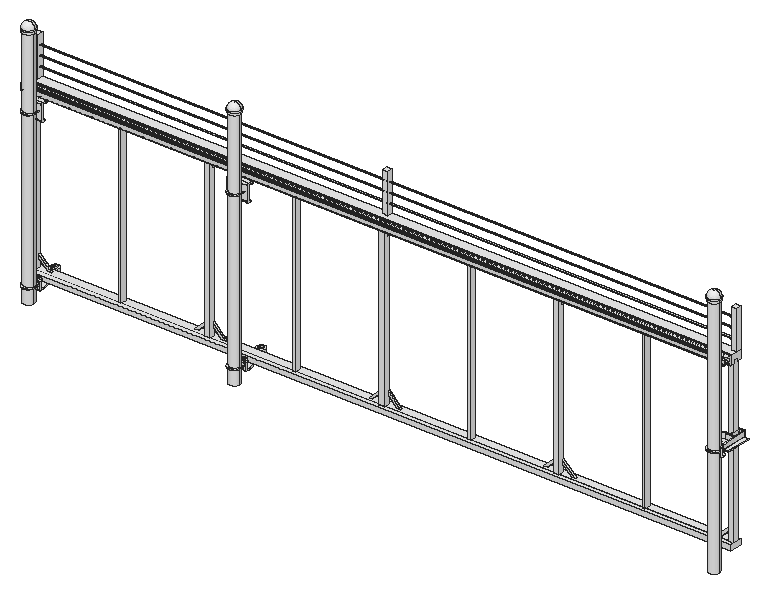
Revit family "Site-Fencing-Tymetal_Corp-Heavy_Duty_Cantilever_Slide_Gate-Chain_Link", category Site, Revit 2015 (continued)
Definition of nested family "Fence - Hanger with Track"
  Definition of nested family "Fence - Hanger Plate"
    Reference planes (in)
      plane 3 "Center (Left/Right)": x = 0
      plane 4: y = 2
      plane 5: x = -3.3125
      plane 6: y = 3.9375
      plane 7: x = 3.3125
    Forms (in)
      Extrusion 1, solid, material <- "Hanger Material"
        sketch origin (0, 0, 0) x (0, 1, 0) y (0, 0, 1)
          loop
            arc (1.91542, 3.25406) -> (1.62242, 3.13269) -> (1.50105, 2.83969) r 0.41437
            line (1.50105, 2.83969) -> (1.50105, -2.83157)
            arc (1.50105, -2.83157) -> (1.62242, -3.12457) -> (1.91542, -3.24594) r 0.41437
            line (1.91542, -3.24594) -> (2.2293, -3.24594) -> (2.2293, -2.87094) -> (1.91542, -2.87094)
            arc (1.91542, -2.87094) -> (1.88758, -2.85941) -> (1.87605, -2.83157) r 0.03937
            line (1.87605, -2.83157) -> (1.87605, 2.83969)
            arc (1.87605, 2.83969) -> (1.88758, 2.86753) -> (1.91542, 2.87906) r 0.03937
            line (1.91542, 2.87906) -> (3.37705, 2.87906) -> (3.37705, 3.25406) -> (1.91542, 3.25406)
        from -4 to 4
      Extrusion 2, void
        sketch origin (0, 0, 0) x (1, 0, 0) y (0, 1, 0)
          loop
            line (-1.3125, 1.25105) -> (1.3125, 1.25105) -> (1.3125, 1.75)
            arc (1.3125, 1.75) -> (1.23928, 1.92678) -> (1.0625, 2) r 0.25
            line (1.0625, 2) -> (-1.0625, 2)
            arc (-1.0625, 2) -> (-1.23928, 1.92678) -> (-1.3125, 1.75) r 0.25
            line (-1.3125, 1.75) -> (-1.3125, 1.25105)
        from -3.24594 to 3.25406
      Extrusion 3, solid, material <- "Hanger Material"
        sketch origin (0, 0, 0) x (1, 0, 0) y (0, 1, 0)
          loop
            line (4, 3.37705) -> (4, 3.9375)
            arc (4, 3.9375) -> (3.79864, 4.42364) -> (3.3125, 4.625) r 0.6875
            line (3.3125, 4.625) -> (-3.3125, 4.625)
            arc (-3.3125, 4.625) -> (-3.79864, 4.42364) -> (-4, 3.9375) r 0.6875
            line (-4, 3.9375) -> (-4, 3.37705) -> (4, 3.37705)
        from 2.87906 to 3.25406
      Extrusion 4, solid, material <- "Hanger Material"
        sketch origin (0, 0, 0) x (1, 0, 0) y (0, 1, 0)
          loop
            arc (-3.5, 2.875) -> (-3.85355, 2.72855) -> (-4, 2.375) r 0.5
            line (-4, 2.375) -> (-4, 2.2293) -> (4, 2.2293) -> (4, 2.375)
            arc (4, 2.375) -> (3.85355, 2.72855) -> (3.5, 2.875) r 0.5
            line (3.5, 2.875) -> (-3.5, 2.875)
        from -3.24594 to -2.87094
      Sweep 5, solid, material <- "Hanger Material", detail levels fine
        path origin (-2.63501, 0.79388, 1.47707) x (0.464166, 0.563047, -0.683761) y (0.368983, 0.578872, 0.727158)
          loop
            line (2.15529, 0.14711) -> (2.15529, 3.82378)
        profile origin (-0.902, 3.15673, 1.44709) x (-0.464166, -0.563047, 0.683761) y (0.805234, -0.589818, 0.060938)
          loop
            circle (0, 0) r 0.25
      Sweep 6, solid, material <- "Hanger Material", detail levels fine
        path origin (2.63501, 0.79388, 1.47707) x (-0.464166, 0.563047, -0.683761) y (0.368983, -0.578872, -0.727158)
          loop
            line (2.15529, -0.14711) -> (2.15529, -3.82378)
        profile origin (0.902, 3.15673, 1.44709) x (-0.464166, 0.563047, -0.683761) y (-0.805234, -0.589818, 0.060938)
          loop
            circle (0, 0) r 0.25
    Cuts and joins
      Extrusion 2 cuts Extrusion 1
      joined: Extrusion 1, Extrusion 3, Extrusion 4
    Lines and regions (in)
      Masking region 1, detail levels coarse
        outline origin (0, 0, 0) x (1, 0, 0) y (0, 1, 0)
          loop
            line (-4, 4.625) -> (-4, 1.50105) -> (-1.3125, 1.50105) -> (-1.3125, 2) -> (1.3125, 2) -> (1.3125, 1.50105) -> (4, 1.50105) -> (4, 4.625) -> (-4, 4.625)
      Masking region 2, detail levels medium+fine
        outline origin (0, 0, 0) x (1, 0, 0) y (0, 1, 0)
          loop
            line (-4, 3.9375) -> (-4, 1.50105) -> (-1.3125, 1.50105) -> (-1.3125, 1.75)
            arc (-1.3125, 1.75) -> (-1.23928, 1.92678) -> (-1.0625, 2) r 0.25
            line (-1.0625, 2) -> (1.0625, 2)
            arc (1.0625, 2) -> (1.23928, 1.92678) -> (1.3125, 1.75) r 0.25
            line (1.3125, 1.75) -> (1.3125, 1.50105) -> (4, 1.50105) -> (4, 3.9375)
            arc (4, 3.9375) -> (3.79864, 4.42364) -> (3.3125, 4.625) r 0.6875
            line (3.3125, 4.625) -> (-3.3125, 4.625)
            arc (-3.3125, 4.625) -> (-3.79864, 4.42364) -> (-4, 3.9375) r 0.6875
    Dimensions and locks (in)
      locked: cut or joined group of Extrusion 1, Extrusion 2, Extrusion 3, Extrusion 4 to cut or joined group of Extrusion 1, Extrusion 2, Extrusion 3, Extrusion 4 at 8
      aligned and locked: cut or joined group of Extrusion 1, Extrusion 2, Extrusion 3, Extrusion 4 to cut or joined group of Extrusion 1, Extrusion 2, Extrusion 3, Extrusion 4  (x2)
      aligned and locked: Masking region 2 to cut or joined group of Extrusion 1, Extrusion 2, Extrusion 3, Extrusion 4
  Definition of nested family "Fence - Track Roller"
    Parameters
      Track Roller Material = none
      Track Height = 0' - 4"
    Reference planes (in)
      plane 1 "Center (Front/Back)": y = 0
      plane 2: z = 0
      plane 3 "Center (Left/Right)": x = 0
      plane 4: x = -4.42187
      plane 5: x = 4.42188
      plane 6: z = 2.5
      plane 7: y = 0.40625
      plane 8: y = -0.40625
      plane 9: z = 4
      plane 10: z = 2.375
      plane 11: y = 1.09674
      plane 12: y = -1.09674
      plane 13: y = 0.59674
      plane 14: y = -0.59674
      plane 15: z = 3.1875
      plane 16: x = -1.4375
      plane 17: x = 1.42187
      plane 18: z = -0.75
      plane 19: z = -0.1875
      plane 20: z = 0.1875
    Forms (in)
      Extrusion 1, solid, material <- "Track Roller Material"
        sketch origin (0, 0, 0) x (1, 0, 0) y (0, 0, 1)
          loop
            line (-3.73437, 2.5) -> (3.73438, 2.5) -> (3.73438, 2.75) -> (-3.73437, 2.75) -> (-3.73437, 2.5)
        from -0.40625 to 0.40625
      Extrusion 2, solid, material <- "Track Roller Material"
        sketch origin (0, 0, 0) x (1, 0, 0) y (0, 0, 1)
          loop
            line (-2.04089, 3.25) -> (-2.04089, 2.75) -> (2.04089, 2.75) -> (2.04089, 3.25) -> (-2.04089, 3.25)
        from -0.5 to 0.5
      Revolve 3, solid, material <- "Track Roller Material"
        sketch origin (0, 0, 0) x (1, 0, 0) y (0, 0, 1)
          loop
            line (-4.42188, 2.8125) -> (-3.26263, 2.8125) -> (-3.26263, 3.625) -> (-3.51263, 3.625) -> (-3.51263, 3.375) -> (-3.63763, 3.375) -> (-3.63763, 3.3125) -> (-4.42188, 3.3125) -> (-4.42188, 2.8125)
          axis (-3.26263, 3.625) -> (-3.26263, 2.8125)
        angle from 0 to 360
      Revolve 4, solid, material <- "Track Roller Material"
        sketch origin (0, 0, 0) x (-1, 0, 0) y (0, 0, 1)
          loop
            line (-4.42188, 2.8125) -> (-3.26263, 2.8125) -> (-3.26263, 3.625) -> (-3.51263, 3.625) -> (-3.51263, 3.375) -> (-3.63763, 3.375) -> (-3.63763, 3.3125) -> (-4.42188, 3.3125) -> (-4.42188, 2.8125)
          axis (-3.26263, 3.625) -> (-3.26263, 2.8125)
        angle from 0 to 360
      Revolve 5, solid, material <- "Track Roller Material"
        sketch origin (-1.4375, -180, 11.2214) x (0, 0, 1) y (0, -1, 0)
          loop
            line (-7.2214, -181.09674) -> (-7.2214, -180.59674) -> (-8.0339, -180.59674) -> (-8.0339, -181.09674) -> (-7.2214, -181.09674)
          axis (-8.0339, -181.09674) -> (-8.0339, -180.59674)
        angle from 0 to 360
      Revolve 6, solid, material <- "Track Roller Material"
        sketch origin (-1.4375, -180, 11.2214) x (0, 0, 1) y (0, -1, 0)
          loop
            line (-7.2214, -179.40326) -> (-7.2214, -178.90326) -> (-8.0339, -178.90326) -> (-8.0339, -179.40326) -> (-7.2214, -179.40326)
          axis (-8.0339, -179.40326) -> (-8.0339, -178.90326)
        angle from 0 to 360
      Revolve 7, solid, material <- "Track Roller Material"
        sketch origin (1.42187, -180, 11.2214) x (0, 0, 1) y (0, -1, 0)
          loop
            line (-7.2214, -181.09674) -> (-7.2214, -180.59674) -> (-8.0339, -180.59674) -> (-8.0339, -181.09674) -> (-7.2214, -181.09674)
          axis (-8.0339, -181.09674) -> (-8.0339, -180.59674)
        angle from 0 to 360
      Revolve 8, solid, material <- "Track Roller Material"
        sketch origin (1.42187, -180, 11.2214) x (0, 0, 1) y (0, -1, 0)
          loop
            line (-7.2214, -179.40326) -> (-7.2214, -178.90326) -> (-8.0339, -178.90326) -> (-8.0339, -179.40326) -> (-7.2214, -179.40326)
          axis (-8.0339, -179.40326) -> (-8.0339, -178.90326)
        angle from 0 to 360
      Extrusion 9, solid, material <- "Track Roller Material"
        sketch origin (0, 0, 0) x (1, 0, 0) y (0, 1, 0)
          loop
            circle (0, 0) r 0.375
        from -0.75 to 2.5
      Extrusion 10, solid, material <- "Track Roller Material"
        sketch origin (0, 0, 0) x (1, 0, 0) y (0, 1, 0)
          loop
            line (-0.625, 0.84674) -> (-0.625, 0.5) -> (0.625, 0.5) -> (0.625, 0.84674) -> (-0.625, 0.84674)
          loop
            line (-0.625, -0.84674) -> (0.625, -0.84674) -> (0.625, -0.5) -> (-0.625, -0.5) -> (-0.625, -0.84674)
        from 2.5 to 3.25
    Dimensions and locks (in)
      equal spacing: plane 4, plane 3 "Center (Left/Right)", plane 5
      locked: plane 4 to plane 5 at 8.84375
      "Track Height": plane 9 to level
      locked: Extrusion 1 sketch curve to plane 4 at 0.6875
      locked: plane 5 to Extrusion 1 sketch curve at 0.6875
      equal spacing: plane 7, plane 1 "Center (Front/Back)", plane 8
      locked: plane 7 to plane 8 at 0.8125
      locked: Extrusion 2 sketch curve to plane 4 at 2.38099
      locked: Extrusion 2 sketch curve to plane 6 at 0.75
      locked: Extrusion 1 sketch curve to plane 6 at 0.25
      Extrusion 2 to plane 1 "Center (Front/Back)" to Extrusion 2 = 0' - 0 1/2" locked, 0' - 0 1/2" locked
      locked: Revolve 3 sketch curve to plane 4 at 1.15924
      Revolve 3 sketch curve to Revolve 3 sketch curve to Revolve 3 sketch curve to Revolve 3 sketch curve to plane 6 = 0' - 0 1/4" locked, 0' - 0 1/16" locked, 0' - 0 1/2" locked, 0' - 0 5/16" locked
      locked: plane 5 to Extrusion 2 sketch curve at 2.38099
      Revolve 4 sketch curve to Revolve 4 sketch curve to Revolve 4 sketch curve to Revolve 4 sketch curve to plane 6 = 0' - 0 1/4" locked, 0' - 0 1/16" locked, 0' - 0 1/2" locked, 0' - 0 5/16" locked
      locked: plane 5 to Revolve 4 sketch curve at 1.15924
      locked: plane 16 to plane 4 at 2.98438
      locked: plane 17 to plane 5 at 3
      locked: plane 18 to plane 2 at 0.75
      plane 20 to level to plane 19 = 0' - 0 3/16" locked, 0' - 0 3/16" locked
      equal spacing: Extrusion 10 sketch curve, plane 3 "Center (Left/Right)", Extrusion 10 sketch curve  (x2)
      locked: Extrusion 10 sketch curve to Extrusion 10 sketch curve at 1.25  (x2)
      equal spacing: plane 13, Extrusion 10 sketch curve, plane 11
      locked: Extrusion 10 sketch curve to Extrusion 10 sketch curve at 0.34674  (x2)
      equal spacing: plane 9, plane 15, plane 10
      locked: plane 9 to plane 10 at 1.625
      locked: plane 6 to plane 10 at 0.125
      aligned and locked: Extrusion 1 sketch curve to plane 6
      aligned and locked: plane 7 to Extrusion 1
      aligned and locked: Extrusion 1 to plane 8
      aligned and locked: Extrusion 2 sketch curve to Extrusion 1
      aligned and locked: Revolve 5 sketch curve to plane 15
      aligned and locked: plane 11 to Revolve 5 sketch curve
      aligned and locked: plane 13 to Revolve 5 sketch curve
      aligned and locked: plane 9 to Revolve 5 sketch curve
      aligned and locked: plane 15 to Revolve 5 sketch curve
      aligned and locked: plane 14 to Revolve 6 sketch curve
      aligned and locked: plane 9 to Revolve 6 sketch curve
      aligned and locked: plane 12 to Revolve 6 sketch curve
      aligned and locked: plane 15 to Revolve 6 sketch curve
      aligned and locked: Revolve 6 sketch curve to plane 15
      aligned and locked: plane 6 to Extrusion 9
      aligned and locked: Extrusion 9 to plane 18
      aligned and locked: Extrusion 10 to plane 6
      aligned and locked: Extrusion 2 to Extrusion 10
    Automatic sketch dimensions
      Revolve 3 sketch curve to plane 4 = 0' - 0"
      plane 4 to Revolve 3 sketch curve = 0' - 0.78424"
      Revolve 3 sketch curve to Revolve 3 sketch curve = 0' - 0 1/8"
      Revolve 3 sketch curve to Revolve 3 sketch curve = 0' - 0 1/4"
      Revolve 3 sketch curve to plane 10 = 0' - 1.57152"
      plane 9 to Revolve 3 sketch curve = 0' - 1.16026"
      Revolve 4 sketch curve to plane 5 = 0' - 0"
      plane 5 to Revolve 4 sketch curve = 0' - 0.78424"
      Revolve 4 sketch curve to Revolve 4 sketch curve = 0' - 0 1/8"
      Revolve 4 sketch curve to Revolve 4 sketch curve = 0' - 0 1/4"
      plane 10 to Revolve 4 sketch curve = 0' - 1.57152"
      Revolve 4 sketch curve to plane 9 = 0' - 1.16026"
      Revolve 5 sketch curve to plane 11 = 0' - 2.87236"
      Revolve 5 sketch curve to plane 12 = 0' - 2.2029"
      Revolve 6 sketch curve to plane 11 = 0' - 2.87236"
      Revolve 6 sketch curve to Revolve 6 sketch curve = 0' - 2.2029"
      Revolve 7 sketch curve to plane 15 = 0' - 0"  (x2)
      Revolve 7 sketch curve to plane 11 = 0' - 0"
      Revolve 7 sketch curve to plane 9 = 0' - 0"
      Revolve 7 sketch curve to plane 13 = 0' - 0"
      plane 11 to Revolve 7 sketch curve = 0' - 2.87236"
      plane 12 to Revolve 7 sketch curve = 0' - 2.2029"
      Revolve 8 sketch curve to plane 12 = 0' - 0"
      Revolve 8 sketch curve to plane 15 = 0' - 0"  (x2)
      Revolve 8 sketch curve to plane 9 = 0' - 0"
      Revolve 8 sketch curve to plane 14 = 0' - 0"
      plane 11 to Revolve 8 sketch curve = 0' - 2.87236"
      Revolve 8 sketch curve to Revolve 8 sketch curve = 0' - 2.2029"
      plane 1 "Center (Front/Back)" to Extrusion 9 sketch curve = 0' - 0"
      Extrusion 9 sketch curve to plane 3 "Center (Left/Right)" = 0' - 0"
      Extrusion 10 sketch curve to plane 8 = 0' - 0 3/32"
      radius of Extrusion 9 sketch curve = 0' - 0 3/8"
Definition of nested family "Fence - Catch Assembly"
  Parameters
    Post Attachment Extension = 0' - 2"
    Gate Open Distance = 0' - 0"
    Catch Location = 0' - 0 3/4"
    Catch Assembly Location from Post = 0' - 2 3/8"
    Catch Assembly Finish = none
  Reference planes (in)
    plane 1 "Center (Front/Back)": y = 0
    plane 2: z = 0
    plane 3 "Center (Left/Right)": x = 0
    plane 4: through (1.76777, 1.76777, 48) normal (0.7071, -0.7071, 0)
  Dimensions and locks (in)
    "Catch Assembly Location from Post": nested 1 to plane 4
    locked: nested 3 to level at 1.375
    "Catch Location": nested 5 to nested 4
    "Gate Open Distance": nested 3 to nested 4
    locked: plane 3 "Center (Left/Right)" to nested 2 (angle 45.00°)
    locked: nested 2 to plane 1 "Center (Front/Back)" (angle 45.00°)
    aligned and locked: level to nested 2
    aligned and locked: nested 3 to nested 4
    aligned and locked: nested 5 to nested 1  (x2)
    aligned and locked: nested 4 to nested 3
  Nested families (in)
    nested 1: "Fence - Catch Plate" at (0, 0, 0), type "Fence - Assembly"
      with Post Radius 0' - 2 3/8"
    nested 2: "Fence - Post Bracket" at (0, 0, 0) x (-0.7071, -0.7071, 0) z (0, 0, 1), type "Fence - Post Bracket"
      with Extension Length 0' - 2"
    nested 3: "Fence - Assembly Latch" at (0.08073, -7.15212, 0), type "Fence - Assembly Latch"
    nested 4: "Fence - Catch" at (0.08073, -7.15212, 1.375), type "Fence - Catch"
    nested 5: "Fence - L Bracket" at (5.15273, -3.77712, 1.375), type "Fence - L Bracket"
  Definition of nested family "Fence - Catch Plate"
    Parameters
      Post Radius = 0' - 2"
      Catch Assembly Finish = none
    Reference planes (in)
      plane 1 "Center (Front/Back)": y = 0
      plane 2: z = 0
      plane 3 "Center (Left/Right)": x = 0
      plane 4: z = 1.375
      plane 5: z = -1.375
      plane 6: through (0.83969, -2.51907, 48) normal (0.7071, -0.7071, 0)
      plane 7: x = 2
      plane 8: y = 0.05806
      plane 9: y = -4.39262
      plane 10: y = -2.16728
      plane 11: y = -0.91728
      plane 12: y = -3.41728
      plane 13: x = 4.15273
    Forms (in)
      Extrusion 1, solid, material <- "Catch Assembly Finish", detail levels medium+fine
        sketch origin (0, 0, 0) x (1, 0, 0) y (0, 1, 0)
          loop
            line (0.35709, -4.39262) -> (5.66039, -4.39262) -> (6.16039, -3.89262) -> (6.16039, -0.44194) -> (5.66039, 0.05806) -> (4.39169, 0.05806)
            arc (4.39169, 0.05806) -> (4.20035, 0.09612) -> (4.03814, 0.2045) r 0.5
            line (4.03814, 0.2045) -> (3.8007, 0.44194) -> (2.51907, -0.83969) -> (2.34229, -0.66291)
            arc (2.34229, -0.66291) -> (2.41551, -0.83969) -> (2.34229, -1.01647) r 0.25
            line (2.34229, -1.01647) -> (1.01647, -2.34229)
            arc (1.01647, -2.34229) -> (0.83969, -2.41551) -> (0.66291, -2.34229) r 0.25
            line (0.66291, -2.34229) -> (0.83969, -2.51907) -> (-0.44194, -3.8007) -> (0.00354, -4.24618)
            arc (0.00354, -4.24618) -> (0.16575, -4.35456) -> (0.35709, -4.39262) r 0.5
        from 1.125 to 1.375
      Extrusion 2, solid, material <- "Catch Assembly Finish", detail levels medium+fine
        sketch origin (-1.76777, 1.76777, 0) x (0.707107, -0.707107, 0) y (0, 0, 1)
          loop
            line (4.125, 1) -> (4.125, -1)
            arc (4.125, -1) -> (4.23483, -1.26517) -> (4.5, -1.375) r 0.375
            line (4.5, -1.375) -> (4.87304, -1.375) -> (4.87304, -1.125) -> (4.5, -1.125)
            arc (4.5, -1.125) -> (4.41161, -1.08839) -> (4.375, -1) r 0.125
            line (4.375, -1) -> (4.375, 1)
            arc (4.375, 1) -> (4.41161, 1.08839) -> (4.5, 1.125) r 0.125
            line (4.5, 1.125) -> (4.875, 1.125) -> (4.875, 1.375) -> (4.5, 1.375)
            arc (4.5, 1.375) -> (4.23483, 1.26517) -> (4.125, 1) r 0.375
        from 1.1875 to 3
      Extrusion 3, solid, material <- "Catch Assembly Finish", detail levels medium+fine
        sketch origin (-1.76777, 1.76777, 0) x (0.707107, -0.707107, 0) y (0, 0, -1)
          loop
            arc (4.125, -1) -> (4.23483, -1.26517) -> (4.5, -1.375) r 0.375
            line (4.5, -1.375) -> (4.875, -1.375) -> (4.875, -1.125) -> (4.5, -1.125)
            arc (4.5, -1.125) -> (4.41161, -1.08839) -> (4.375, -1) r 0.125
            line (4.375, -1) -> (4.375, 1)
            arc (4.375, 1) -> (4.41161, 1.08839) -> (4.5, 1.125) r 0.125
            line (4.5, 1.125) -> (4.8803, 1.125) -> (4.8803, 1.375) -> (4.5, 1.375)
            arc (4.5, 1.375) -> (4.23483, 1.26517) -> (4.125, 1) r 0.375
            line (4.125, 1) -> (4.125, -1)
        from 1.1875 to 3
      Extrusion 4, solid, material <- "Catch Assembly Finish", detail levels medium+fine
        sketch origin (0, 0, 0) x (1, 0, 0) y (0, 1, 0)
          loop
            line (-0.2192, -4.02344) -> (0.22627, -4.02344) -> (4.02344, -0.22627) -> (4.02344, 0.2192) -> (3.8007, 0.44194) -> (2.51907, -0.83969) -> (2.34229, -0.66291)
            arc (2.34229, -0.66291) -> (2.41551, -0.83969) -> (2.34229, -1.01647) r 0.25
            line (2.34229, -1.01647) -> (1.01647, -2.34229)
            arc (1.01647, -2.34229) -> (0.83969, -2.41551) -> (0.66291, -2.34229) r 0.25
            line (0.66291, -2.34229) -> (0.83969, -2.51907) -> (-0.44194, -3.8007) -> (-0.2192, -4.02344)
        from -1.375 to -1.125
    Cuts and joins
      joined: Extrusion 1, Extrusion 2, Extrusion 3, Extrusion 4
    Lines and regions (in)
      Masking region 1, detail levels coarse
        outline origin (0, 0, 0) x (1, 0, 0) y (0, 1, 0)
          loop
            line (3.27037, 0.97227) -> (-0.97227, -3.27037) -> (0.14998, -4.39262) -> (6.16039, -4.39262) -> (6.16039, 0.05806) -> (4.18458, 0.05806) -> (3.27037, 0.97227)
      Masking region 2, detail levels medium+fine
        outline origin (0, 0, 0) x (1, 0, 0) y (0, 1, 0)
          loop
            line (0.35709, -4.39262) -> (5.66039, -4.39262) -> (6.16039, -3.89262) -> (6.16039, -0.44194) -> (5.66039, 0.05806) -> (4.39169, 0.05806)
            arc (4.39169, 0.05806) -> (4.20035, 0.09612) -> (4.03814, 0.2045) r 0.5
            line (4.03814, 0.2045) -> (3.27037, 0.97227) -> (1.98874, -0.30936) -> (2.34251, -0.66313)
            arc (2.34251, -0.66313) -> (2.41551, -0.83984) -> (2.34229, -1.01647) r 0.25
            line (2.34229, -1.01647) -> (1.01647, -2.34229)
            arc (1.01647, -2.34229) -> (0.83984, -2.41551) -> (0.66313, -2.34251) r 0.25
            line (0.66313, -2.34251) -> (0.30936, -1.98874) -> (-0.97227, -3.27037) -> (0.00354, -4.24618)
            arc (0.00354, -4.24618) -> (0.16575, -4.35456) -> (0.35709, -4.39262) r 0.5
    Dimensions and locks (in)
      equal spacing: plane 4, level, plane 5
      locked: plane 4 to plane 5 at 2.75
      "Post Radius": plane 3 "Center (Left/Right)" to plane 7
      equal spacing: plane 8, plane 10, plane 9
      aligned and locked: Extrusion 2 to Extrusion 1
      aligned and locked: Extrusion 4 to plane 5
      aligned and locked: Extrusion 4 to cut or joined group of Extrusion 1, Extrusion 2, Extrusion 3, Extrusion 4
    Automatic sketch dimensions
      plane 3 "Center (Left/Right)" to Extrusion 1 sketch curve = 0' - 0.35709"
      plane 3 "Center (Left/Right)" to Extrusion 1 sketch curve = 0' - 0.83969"
      Extrusion 1 sketch curve to Extrusion 1 sketch curve = 0' - 0"  (x10)
      plane 1 "Center (Front/Back)" to Extrusion 1 sketch curve = 0' - 0.83969"  (x2)
      Extrusion 1 sketch curve to Extrusion 1 sketch curve = 0' - 1.32583"
      plane 1 "Center (Front/Back)" to Extrusion 1 sketch curve = 0' - 1.01647"
      Extrusion 1 sketch curve to plane 1 "Center (Front/Back)" = 0' - 0.05806"
      Extrusion 1 sketch curve to Extrusion 1 sketch curve = 0' - 0.09192"
      plane 1 "Center (Front/Back)" to Extrusion 1 sketch curve = 0' - 3.89262"
      Extrusion 1 sketch curve to Extrusion 1 sketch curve = 0' - 0 1/2"  (x4)
      Extrusion 1 sketch curve to Extrusion 1 sketch curve = 0' - 0.35355"  (x2)
      plane 1 "Center (Front/Back)" to Extrusion 1 sketch curve = 0' - 0.44194"
      plane 3 "Center (Left/Right)" to Extrusion 1 sketch curve = 0' - 0.00354"
      Extrusion 1 sketch curve to Extrusion 1 sketch curve = 0' - 0.17678"  (x5)
      plane 1 "Center (Front/Back)" to Extrusion 1 sketch curve = 0' - 0.66291"
      Extrusion 2 sketch curve to Extrusion 2 sketch curve = 0' - 0"  (x8)
      Extrusion 2 sketch curve to plane 5 = 0' - 0"
      Extrusion 2 sketch curve to plane 4 = 0' - 0"
      Extrusion 2 sketch curve to Extrusion 2 sketch curve = 0' - 0.37304"
      Extrusion 3 sketch curve to Extrusion 3 sketch curve = 0' - 0"  (x8)
      plane 5 to Extrusion 3 sketch curve = 0' - 0"
      plane 4 to Extrusion 3 sketch curve = 0' - 0"
      plane 3 "Center (Left/Right)" to Extrusion 4 sketch curve = 0' - 0.22627"
      plane 3 "Center (Left/Right)" to Extrusion 4 sketch curve = 0' - 0.83969"
      Extrusion 4 sketch curve to Extrusion 4 sketch curve = 0' - 0"  (x7)
      plane 1 "Center (Front/Back)" to Extrusion 4 sketch curve = 0' - 0.83969"  (x2)
      Extrusion 4 sketch curve to Extrusion 4 sketch curve = 0' - 1.32583"  (x2)
      Extrusion 4 sketch curve to Extrusion 4 sketch curve = 0' - 0.35355"  (x2)
      Extrusion 4 sketch curve to plane 3 "Center (Left/Right)" = 0' - 0.2192"
      Extrusion 4 sketch curve to Extrusion 4 sketch curve = 0' - 0.17678"  (x4)
      plane 1 "Center (Front/Back)" to Extrusion 4 sketch curve = 0' - 0.66291"
      plane 1 "Center (Front/Back)" to Extrusion 4 sketch curve = 0' - 1.01647"
      Extrusion 4 sketch curve to plane 1 "Center (Front/Back)" = 0' - 0.2192"
      plane 1 "Center (Front/Back)" to Extrusion 4 sketch curve = 0' - 0.22627"
      plane 3 "Center (Left/Right)" to Masking region 1 sketch curve = 0' - 0.14998"
      Masking region 1 sketch curve to plane 1 "Center (Front/Back)" = 0' - 0.97227"
      plane 3 "Center (Left/Right)" to Masking region 2 sketch curve = 0' - 0.30936"
      plane 3 "Center (Left/Right)" to Masking region 2 sketch curve = 0' - 0.35709"  (x2)
      Masking region 2 sketch curve to Masking region 2 sketch curve = 0' - 0.35377"
      Masking region 2 sketch curve to Masking region 2 sketch curve = 0' - 0.17656"  (x2)
      plane 1 "Center (Front/Back)" to Masking region 2 sketch curve = 0' - 0.30936"
      Masking region 2 sketch curve to Masking region 2 sketch curve = 0' - 0.17678"  (x4)
      plane 1 "Center (Front/Back)" to Masking region 2 sketch curve = 0' - 0.66313"
      Masking region 2 sketch curve to Masking region 2 sketch curve = 0' - 0.62225"
      Masking region 2 sketch curve to Masking region 2 sketch curve = 0' - 0.177"  (x2)
      plane 3 "Center (Left/Right)" to Masking region 2 sketch curve = 0' - 0.00354"
      Masking region 2 sketch curve to Masking region 2 sketch curve = 0' - 0"  (x7)
      plane 1 "Center (Front/Back)" to Masking region 2 sketch curve = 0' - 1.01647"
      Extrusion 1 sketch curve to plane 3 "Center (Left/Right)" = 0' - 0.44194"
      Extrusion 1 sketch curve to plane 1 "Center (Front/Back)" = 0' - 0.2045"
      plane 5 to Extrusion 2 sketch curve = 0' - 0 3/8"
      Extrusion 2 sketch curve to Extrusion 2 sketch curve = 0' - 0 1/8"  (x2)
      Extrusion 2 sketch curve to Extrusion 2 sketch curve = 0' - 0 3/8"
      plane 5 to Extrusion 3 sketch curve = 0' - 0 3/8"
      Extrusion 3 sketch curve to Extrusion 3 sketch curve = 0' - 0 1/8"  (x2)
      Extrusion 3 sketch curve to Extrusion 3 sketch curve = 0' - 0 3/8"
      Extrusion 3 sketch curve to Extrusion 3 sketch curve = 0' - 0.3803"
      Extrusion 4 sketch curve to Extrusion 4 sketch curve = 0' - 0.22274"  (x2)
      Masking region 2 sketch curve to Masking region 2 sketch curve = 0' - 1.28163"
      Extrusion 1 sketch curve to Extrusion 1 sketch curve = 0' - 1.37356"
      Extrusion 4 sketch curve to Extrusion 4 sketch curve = 0' - 1.28163"
      plane 1 "Center (Front/Back)" to Masking region 2 sketch curve = 0' - 1.98874"
      Extrusion 1 sketch curve to Extrusion 1 sketch curve = 0' - 1.2687"
      Extrusion 1 sketch curve to plane 1 "Center (Front/Back)" = 0' - 0.44194"
      Extrusion 1 sketch curve to Extrusion 1 sketch curve = 0' - 1.28163"
      Extrusion 4 sketch curve to plane 1 "Center (Front/Back)" = 0' - 0.44194"
      plane 3 "Center (Left/Right)" to Masking region 2 sketch curve = 0' - 1.98874"
      Masking region 2 sketch curve to plane 1 "Center (Front/Back)" = 0' - 0.2045"
      Masking region 2 sketch curve to plane 3 "Center (Left/Right)" = 0' - 0.97227"
      Masking region 1 sketch curve to plane 3 "Center (Left/Right)" = 0' - 0.97227"
      Masking region 2 sketch curve to Masking region 2 sketch curve = 0' - 0.35355"
      Masking region 2 sketch curve to Masking region 2 sketch curve = 0' - 0 1/2"  (x3)
      plane 1 "Center (Front/Back)" to Masking region 2 sketch curve = 0' - 0.44194"
      Masking region 2 sketch curve to plane 1 "Center (Front/Back)" = 0' - 0.05806"
      Masking region 1 sketch curve to plane 1 "Center (Front/Back)" = 0' - 0.05806"
      Masking region 1 sketch curve to Masking region 1 sketch curve = 0' - 1.97581"
      plane 9 to Masking region 1 sketch curve = 0' - 0"
      plane 13 to Masking region 1 sketch curve = 0' - 0.88236"
      Masking region 2 sketch curve to Masking region 2 sketch curve = 0' - 1.2687"
  Definition of nested family "Fence - Post Bracket"
    Parameters
      Extension Length = 0' - 3"
      Bottom Guide Material = none
    Reference planes (in)
      plane 1 "Center (Front/Back)": y = 0
      plane 2: z = 0
      plane 3 "Center (Left/Right)": x = 0
    Forms (in)
      Sweep 1, solid, material <- "Bottom Guide Material", detail levels medium+fine
        path origin (0, 0, 0) x (1, 0, 0) y (0, 1, 0)
          loop
            line (-2.5, 3) -> (-2.5, 0)
            arc (-2.5, 0) -> (0, -2.5) -> (2.5, 0) r 2.5
            line (2.5, 0) -> (2.5, 3)
        profile origin (0, -2.5, 0) x (0, 1, 0) y (0, 0, 1)
          loop
            circle (0.25, 0) r 0.25
    Lines and regions (in)
      Masking region 1, detail levels medium+fine
        outline origin (0, 0, 0) x (1, 0, 0) y (0, 1, 0)
          loop
            line (-2.5, 3) -> (-2.5, 0)
            arc (-2.5, 0) -> (0, -2.5) -> (2.5, 0) r 2.5
            line (2.5, 0) -> (2.5, 3) -> (2, 3) -> (2, 0)
            arc (2, 0) -> (0, -2) -> (-2, 0) r 2
            line (-2, 0) -> (-2, 3) -> (-2.5, 3)
    Dimensions and locks (in)
      "Extension Length": plane 1 "Center (Front/Back)" to Sweep 1 sketch curve  (x2)
      locked: Masking region 1 sketch curve to Masking region 1 sketch curve at 0.5  (x2)
      aligned and locked: Masking region 1 sketch curve to Sweep 1  (x2)
    Automatic sketch dimensions
      Sweep 1 sketch curve to level = 0' - 0"
      Sweep 1 sketch curve to profile plane = 0' - 0 1/4"
      Masking region 1 sketch curve to Masking region 1 sketch curve = 0' - 0"
      plane 1 "Center (Front/Back)" to Masking region 1 sketch curve = 0' - 0"
      Masking region 1 sketch curve to plane 3 "Center (Left/Right)" = 0' - 0"
      Masking region 1 sketch curve to plane 3 "Center (Left/Right)" = 0' - 2"
      plane 1 "Center (Front/Back)" to Sweep 1 sketch curve = 0' - 0"
      Sweep 1 sketch curve to plane 3 "Center (Left/Right)" = 0' - 0"
      Sweep 1 sketch curve to plane 3 "Center (Left/Right)" = 0' - 2 1/2"
      radius of Sweep 1 sketch curve = 0' - 0 1/4"
  Definition of nested family "Fence - Assembly Latch"
    Parameters
      Post Radius = 0' - 2"
      Catch Assembly Finish = none
    Reference planes (in)
      plane 1 "Center (Front/Back)": y = 0
      plane 2: z = 0
      plane 3 "Center (Left/Right)": x = 0
      plane 4: z = 1.375
      plane 5: z = -1.375
      plane 6: y = 1.68749
      plane 7: y = -1.68749
      plane 8: x = 2.01605
    Forms (in)
      Extrusion 1, solid, material <- "Catch Assembly Finish", detail levels medium+fine
        sketch origin (0, 7.24613, 0) x (1, 0, 0) y (0, 1, 0)
          loop
            line (-2.14946, -3.49665) -> (-0.16054, -5.48551)
            arc (-0.16054, -5.48551) -> (-0.07946, -5.53963) -> (0.01615, -5.55863) r 0.25003
            line (0.01615, -5.55863) -> (2.01605, -5.55863) -> (2.01605, -8.93362) -> (-0.00593, -8.93362)
            arc (-0.00593, -8.93362) -> (-0.10155, -8.95262) -> (-0.18263, -9.00676) r 0.25
            line (-0.18263, -9.00676) -> (-2.17145, -10.99558) -> (-1.99467, -11.17235) -> (-0.00593, -9.18362) -> (2.01607, -9.18362)
            arc (2.01607, -9.18362) -> (2.19285, -9.1104) -> (2.26608, -8.93361) r 0.25001
            line (2.26608, -8.93361) -> (2.26608, -5.5586)
            arc (2.26608, -5.5586) -> (2.19286, -5.38185) -> (2.0161, -5.30863) r 0.24997
            line (2.0161, -5.30863) -> (0.01605, -5.30863) -> (-1.97269, -3.31988) -> (-2.14946, -3.49665)
        from 1.375 to 3.37491
    Lines and regions (in)
      Masking region 1, detail levels coarse
        outline origin (0, 7.24613, 0) x (1, 0, 0) y (0, 1, 0)
          loop
            line (-2.14946, -3.49665) -> (-0.08748, -5.55863) -> (2.01605, -5.55863) -> (2.01605, -8.93362) -> (-0.10949, -8.93362) -> (-2.17145, -10.99558) -> (-1.99467, -11.17235) -> (-0.00594, -9.18362) -> (2.26608, -9.18362) -> (2.26608, -5.30863) -> (0.01612, -5.30863) -> (-1.97266, -3.31985) -> (-2.14946, -3.49665)
      Masking region 2, detail levels medium+fine
        outline origin (0, 7.24613, 0) x (1, 0, 0) y (0, 1, 0)
          loop
            line (-2.14943, -3.49662) -> (-0.16065, -5.4854)
            arc (-0.16065, -5.4854) -> (-0.07953, -5.5396) -> (0.01615, -5.55863) r 0.25003
            line (0.01615, -5.55863) -> (2.01605, -5.55863) -> (2.01605, -8.93362) -> (-0.00593, -8.93362)
            arc (-0.00593, -8.93362) -> (-0.1016, -8.95265) -> (-0.18271, -9.00684) r 0.25
            line (-0.18271, -9.00684) -> (-2.17145, -10.99558) -> (-1.99467, -11.17236) -> (-0.00593, -9.18362) -> (2.01607, -9.18362)
            arc (2.01607, -9.18362) -> (2.19285, -9.1104) -> (2.26608, -8.93361) r 0.25001
            line (2.26608, -8.93361) -> (2.26608, -5.5586)
            arc (2.26608, -5.5586) -> (2.19286, -5.38185) -> (2.0161, -5.30863) r 0.24997
            line (2.0161, -5.30863) -> (0.01605, -5.30863) -> (-1.97269, -3.31989) -> (-2.14943, -3.49662)
    Dimensions and locks (in)
      equal spacing: plane 4, level, plane 5
      locked: plane 4 to plane 5 at 2.75
    Automatic sketch dimensions
      Extrusion 1 sketch curve to plane 3 "Center (Left/Right)" = 0' - 2.17145"
      Extrusion 1 sketch curve to plane 3 "Center (Left/Right)" = 0' - 2.14946"
      Extrusion 1 sketch curve to Extrusion 1 sketch curve = 0' - 0.17678"  (x4)
      Extrusion 1 sketch curve to plane 3 "Center (Left/Right)" = 0' - 0.18263"
      Extrusion 1 sketch curve to plane 3 "Center (Left/Right)" = 0' - 0.16054"
      Extrusion 1 sketch curve to plane 3 "Center (Left/Right)" = 0' - 0.00593"  (x2)
      Extrusion 1 sketch curve to Extrusion 1 sketch curve = 0' - 0"  (x4)
      plane 3 "Center (Left/Right)" to Extrusion 1 sketch curve = 0' - 0.01605"
      plane 3 "Center (Left/Right)" to Extrusion 1 sketch curve = 0' - 0.01615"
      plane 3 "Center (Left/Right)" to Extrusion 1 sketch curve = 0' - 2.01605"
      Extrusion 1 sketch curve to Extrusion 1 sketch curve = 0' - 0.00005"
      Extrusion 1 sketch curve to Extrusion 1 sketch curve = 0' - 0 1/4"
      Extrusion 1 sketch curve to Extrusion 1 sketch curve = 0' - 1.98873"
      Extrusion 1 sketch curve to Extrusion 1 sketch curve = 0' - 0.17686"
      Extrusion 1 sketch curve to Extrusion 1 sketch curve = 0' - 3.37498"
      Extrusion 1 sketch curve to Extrusion 1 sketch curve = 0' - 0.00003"  (x2)
      Extrusion 1 sketch curve to Extrusion 1 sketch curve = 0' - 0.07312"
      Extrusion 1 sketch curve to Extrusion 1 sketch curve = 0' - 1.98886"
      Masking region 1 sketch curve to Masking region 1 sketch curve = 0' - 0.25002"
      plane 3 "Center (Left/Right)" to Masking region 1 sketch curve = 0' - 0.01612"
      Masking region 1 sketch curve to plane 3 "Center (Left/Right)" = 0' - 0.00594"
      Masking region 1 sketch curve to plane 3 "Center (Left/Right)" = 0' - 0.08748"
      Masking region 1 sketch curve to plane 3 "Center (Left/Right)" = 0' - 0.10949"
      Masking region 1 sketch curve to plane 3 "Center (Left/Right)" = 0' - 1 249/256"
      Masking region 1 sketch curve to plane 3 "Center (Left/Right)" = 0' - 1.99467"
      Masking region 1 sketch curve to Masking region 1 sketch curve = 0' - 0.1768"
      Masking region 1 sketch curve to Masking region 1 sketch curve = 0' - 0.17678"  (x2)
      Masking region 1 sketch curve to Masking region 1 sketch curve = 0' - 3 3/8"
      Masking region 1 sketch curve to Masking region 1 sketch curve = 0' - 0 1/4"
      Masking region 2 sketch curve to Masking region 2 sketch curve = 0' - 0.24997"
      Masking region 2 sketch curve to Masking region 2 sketch curve = 0' - 0 1/4"
      Masking region 2 sketch curve to Masking region 2 sketch curve = 0' - 0"  (x3)
      plane 3 "Center (Left/Right)" to Masking region 2 sketch curve = 0' - 0.01615"
      Masking region 2 sketch curve to Masking region 2 sketch curve = 0' - 0.0001"
      Masking region 2 sketch curve to plane 3 "Center (Left/Right)" = 0' - 0.00593"
      Masking region 2 sketch curve to plane 3 "Center (Left/Right)" = 0' - 0.16065"
      Masking region 2 sketch curve to Masking region 2 sketch curve = 0' - 0.17678"  (x3)
      Masking region 2 sketch curve to Masking region 2 sketch curve = 0' - 3 3/8"
      Masking region 2 sketch curve to Masking region 2 sketch curve = 0' - 0.00003"
      Masking region 2 sketch curve to Masking region 2 sketch curve = 0' - 0.07323"
      Masking region 2 sketch curve to plane 3 "Center (Left/Right)" = 0' - 1.97269"
      Masking region 2 sketch curve to Masking region 2 sketch curve = 0' - 0.17674"
      Masking region 2 sketch curve to Masking region 2 sketch curve = 0' - 1.98874"
      plane 1 "Center (Front/Back)" to Extrusion 1 sketch curve = 0' - 3.92623"
      Masking region 1 sketch curve to plane 1 "Center (Front/Back)" = 0' - 3.92627"
      Masking region 1 sketch curve to Masking region 1 sketch curve = 0' - 1.99993"
      Masking region 2 sketch curve to Masking region 2 sketch curve = 0' - 1.9999"
      plane 7 to Masking region 2 sketch curve = 0' - 0"
  Definition of nested family "Fence - Catch"
    Parameters
      Catch Assembly Finish = none
    Reference planes (in)
      plane 1 "Center (Front/Back)": y = 0
      plane 2: z = 0
      plane 3 "Center (Left/Right)": x = 0
      plane 4: y = 1.25
      plane 5: y = -1.25
      plane 6: x = 4.16039
    Forms (in)
      Extrusion 1, solid, material <- "Catch Assembly Finish", detail levels medium+fine
        sketch origin (0, 7.23515, -1.375) x (1, 0, 0) y (0, 1, 0)
          loop
            line (0.03555, -5.17267) -> (3.78539, -5.17267) -> (3.78539, -9.29762) -> (0.03539, -9.29762)
            arc (0.03539, -9.29762) -> (-0.10812, -9.32617) -> (-0.22978, -9.40746) r 0.375
            line (-0.22978, -9.40746) -> (-2.04174, -11.21942) -> (-1.77657, -11.48458) -> (0.03539, -9.67262) -> (3.78542, -9.67262)
            arc (3.78542, -9.67262) -> (4.05063, -9.56277) -> (4.16048, -9.29756) r 0.37506
            line (4.16048, -9.29756) -> (4.16048, -5.17247)
            arc (4.16048, -5.17247) -> (4.05063, -4.90743) -> (3.78555, -4.79766) r 0.37492
            line (3.78555, -4.79766) -> (0.03542, -4.79766) -> (-1.77657, -2.98567) -> (-2.04169, -3.25078) -> (-0.22965, -5.06282)
            arc (-0.22965, -5.06282) -> (-0.10797, -5.14412) -> (0.03555, -5.17267) r 0.37506
        from 1.375 to 3.37491
    Lines and regions (in)
      Masking region 1, detail levels coarse
        outline origin (0, 7.23515, 0) x (1, 0, 0) y (0, 1, 0)
          loop
            line (4.16039, -4.79766) -> (0.03537, -4.79766) -> (-1.7766, -2.98569) -> (-2.04171, -3.2508) -> (-0.11984, -5.17267) -> (3.78539, -5.17267) -> (3.78539, -9.29762) -> (-0.11994, -9.29762) -> (-2.04174, -11.21942) -> (-1.77657, -11.48458) -> (0.0354, -9.67262) -> (4.16039, -9.67262) -> (4.16039, -4.79766)
      Masking region 2, detail levels medium+fine
        outline origin (0, 7.23515, 0) x (1, 0, 0) y (0, 1, 0)
          loop
            line (0.03542, -4.79766) -> (-1.77657, -2.98567) -> (-2.04169, -3.25078) -> (-0.22965, -5.06282)
            arc (-0.22965, -5.06282) -> (-0.10797, -5.14412) -> (0.03555, -5.17267) r 0.37506
            line (0.03555, -5.17267) -> (3.78539, -5.17267) -> (3.78539, -9.29762) -> (0.03539, -9.29762)
            arc (0.03539, -9.29762) -> (-0.10812, -9.32617) -> (-0.22978, -9.40746) r 0.375
            line (-0.22978, -9.40746) -> (-2.04174, -11.21942) -> (-1.77657, -11.48458) -> (0.03539, -9.67262) -> (3.78542, -9.67262)
            arc (3.78542, -9.67262) -> (4.05063, -9.56277) -> (4.16048, -9.29756) r 0.37506
            line (4.16048, -9.29756) -> (4.16048, -5.17247)
            arc (4.16048, -5.17247) -> (4.05063, -4.90743) -> (3.78555, -4.79766) r 0.37492
            line (3.78555, -4.79766) -> (0.03542, -4.79766)
  Definition of nested family "Fence - L Bracket"
    Parameters
      Catch Assembly Finish = none
    Reference planes (in)
      plane 1 "Center (Front/Back)": y = 0
      plane 2: z = 0
      plane 3 "Center (Left/Right)": x = 0
      plane 4: y = -4.875
      plane 5: y = 1.375
      plane 6: y = 3.875
      plane 7: y = 4.875
      plane 8: y = -1.375
      plane 9: y = -3.875
      plane 10: x = 1
      plane 11: x = -1
      plane 12: z = 0.99996
      plane 13: z = 0.25008
      plane 14: z = 1.99991
    Forms (in)
      Extrusion 1, solid, material <- "Catch Assembly Finish", detail levels medium+fine
        sketch origin (-5.16039, 4.79762, 0) x (1, 0, 0) y (0, 0, 1)
          loop
            line (4.53539, 0) -> (6.16039, 0) -> (6.16039, 0.25008) -> (4.53541, 0.25008)
            arc (4.53541, 0.25008) -> (4.44698, 0.2867) -> (4.41036, 0.37512) r 0.12505
            line (4.41036, 0.37512) -> (4.41036, 1.99991) -> (4.16039, 1.99991) -> (4.16039, 0.375)
            arc (4.16039, 0.375) -> (4.27022, 0.10983) -> (4.53539, 0) r 0.375
        from -0.07738 to 9.67262
    Lines and regions (in)
      Masking region 1
        outline origin (-5.16039, 4.79762, 0) x (1, 0, 0) y (0, 1, 0)
          loop
            line (4.16039, -9.67262) -> (6.16039, -9.67262) -> (6.16039, 0.07738) -> (4.16039, 0.07738) -> (4.16039, -9.67262)
      Masking region 2, detail levels medium+fine
        outline origin (-5.16039, 4.79762, -1.375) x (1, 0, 0) y (0, 1, 0)
          loop
            line (4.16039, -9.67262) -> (4.41036, -9.67262) -> (4.41036, 0.07738) -> (4.16039, 0.07738) -> (4.16039, -9.67262)
      Masking region 3, detail levels fine
        outline origin (0, 0, 0) x (1, 0, 0) y (0, 1, 0)
          loop
            arc (-0.21875, 1.375) -> (0, 1.15625) -> (0.21875, 1.375) r 0.21875
            line (0.21875, 1.375) -> (0.21875, 3.875)
            arc (0.21875, 3.875) -> (0, 4.09375) -> (-0.21875, 3.875) r 0.21875
            line (-0.21875, 3.875) -> (-0.21875, 1.375)
    Dimensions and locks (in)
      plane 7 to plane 6 to plane 5 = 0' - 1" locked, 0' - 2 1/2" locked
      equal spacing: plane 7, plane 1 "Center (Front/Back)", plane 4
      locked: plane 7 to plane 4 at 9.75
      equal spacing: plane 11, plane 3 "Center (Left/Right)", plane 10
      locked: plane 11 to plane 10 at 2
      plane 4 to plane 9 to plane 8 = 0' - 1" locked, 0' - 2 1/2" locked
      aligned and locked: plane 7 to Masking region 1
    Automatic sketch dimensions
      Masking region 1 sketch curve to plane 7 = 0' - 0"
      Masking region 1 sketch curve to plane 11 = 0' - 0"
      Masking region 1 sketch curve to plane 10 = 0' - 0"
      plane 4 to Masking region 1 sketch curve = 0' - 0"
      plane 11 to Extrusion 1 sketch curve = 0' - 0"
      Extrusion 1 sketch curve to level = 0' - 0"
      Extrusion 1 sketch curve to plane 10 = 0' - 0"
      Extrusion 1 sketch curve to plane 11 = 0' - 0.24997"
      Extrusion 1 sketch curve to Extrusion 1 sketch curve = 0' - 0.12503"
      Extrusion 1 sketch curve to Extrusion 1 sketch curve = 0' - 0"
      Extrusion 1 sketch curve to Extrusion 1 sketch curve = 0' - 0.25008"
      Masking region 2 sketch curve to plane 7 = 0' - 0"
      Masking region 2 sketch curve to plane 11 = 0' - 0"
      plane 4 to Masking region 2 sketch curve = 0' - 0"
      Masking region 2 sketch curve to Masking region 2 sketch curve = 0' - 0.24997"
      Extrusion 1 sketch curve to Extrusion 1 sketch curve = 0' - 1.62491"
      Masking region 3 sketch curve to plane 5 = 0' - 0"
      Masking region 3 sketch curve to plane 6 = 0' - 0"
      Masking region 3 sketch curve to plane 3 "Center (Left/Right)" = 0' - 0"
      Masking region 3 sketch curve to Masking region 3 sketch curve = 0' - 0 7/32"
Definition of nested family "Fence - Chain Link Panel"
  Parameters
    Barb Height = 1' - 3"
    Nominal Gate Height = 6' - 0"
    Frame Width = 0' - 2"
    Cross Brace Width = 0' - 0 1/2"  # constant formula
    Panel Length = 4' - 3.6"
    Height Above Grade = 0' - 5"
    Cross Brace Finish = none
  Reference planes (in)
    plane 1: z = 0
    plane 2 "Center (Left/Right)": x = -10.2
    plane 3: x = -36
    plane 4: x = 15.6
    plane 5: y = -0.5
    plane 6: y = 0
    plane 7: z = 70
    plane 8: z = 7
    plane 9: x = -31
    plane 10: x = 10.6
    plane 11: z = 65
    plane 12: z = 12
    plane 13: z = 72
    plane 14: z = 5
    plane 15: z = 38.5
    plane 16: x = 17.6
    plane 17: x = 16.6
    plane 18: x = -37
    plane 19: y = -1
    plane 20: x = -38
    plane 21: y = 0
  Forms (in)
    Extrusion 1, solid, material <- "Cross Brace Finish", detail levels medium+fine
      sketch origin (0, -0.25, 0) x (1, 0, 0) y (0, 0, 1)
        loop
          line (-31, 70) -> (-32.41421, 70) -> (-36, 66.41421) -> (-36, 65) -> (-31, 70)
        loop
          line (10.6, 70) -> (15.6, 65) -> (15.6, 66.41421) -> (12.01421, 70) -> (10.6, 70)
        loop
          line (-31, 7) -> (-36, 12) -> (-36, 10.58579) -> (-32.41421, 7) -> (-31, 7)
        loop
          line (10.6, 7) -> (12.01421, 7) -> (15.6, 10.58579) -> (15.6, 12) -> (10.6, 7)
      from -0.25 to 0.25
  Lines and regions (in)
    model lines
      curve 1: line (-33.5, 0, 67.5) -> (13.1, 0, 9.5)
      curve 2: line (-33.5, 0, 9.5) -> (13.1, 0, 67.5)
  Dimensions and locks (in)
    plane 6 to plane 5 = 0' - 0 1/2"
    "Cross Brace Width": plane 5 to plane 6
    locked: Extrusion 1 sketch curve to Extrusion 1 sketch curve at 1  (x4)
    equal spacing: plane 11, plane 15, plane 12
    equal spacing: plane 4, plane 2 "Center (Left/Right)", plane 3
    plane 9 to plane 3 = 0' - 5"  (x3)
    plane 4 to plane 10 = 0' - 5"  (x3)
    "Nominal Gate Height": plane 13 to level
    plane 14 to level = 0' - 5"
    plane 8 to plane 14 = 0' - 2"
    locked: plane 12 to plane 8 at 5
    locked: plane 7 to plane 11 at 5
    "Frame Width": plane 13 to plane 7
    locked: plane 4 to plane 10 at 5
    locked: plane 9 to plane 3 at 5
    plane 12 to plane 8 = 0' - 5"  (x2)
    plane 7 to plane 11 = 0' - 5"  (x2)
    equal spacing: plane 3, plane 18, plane 20
    locked: plane 20 to plane 3 at 2
    locked: plane 16 to plane 4 at 2
    equal spacing: plane 16, plane 17, plane 4
    "Panel Length": plane 4 to plane 3
    Extrusion 1 to Extrusion 1 = 0' - 0 1/2"
    aligned and locked: Extrusion 1 sketch curve to plane 7
    aligned and locked: Extrusion 1 sketch curve to plane 3
    aligned and locked: plane 11 to Extrusion 1 sketch curve  (x2)
    aligned and locked: plane 9 to Extrusion 1 sketch curve  (x2)
    aligned and locked: Extrusion 1 sketch curve to plane 8
    aligned and locked: plane 3 to Extrusion 1 sketch curve
    aligned and locked: plane 12 to Extrusion 1 sketch curve  (x2)
    aligned and locked: plane 8 to Extrusion 1 sketch curve
    aligned and locked: plane 4 to Extrusion 1 sketch curve  (x2)
    aligned and locked: plane 10 to Extrusion 1 sketch curve  (x2)
    aligned and locked: Extrusion 1 sketch curve to plane 4
    aligned and locked: plane 7 to Extrusion 1 sketch curve
    aligned and locked: plane 6 to Extrusion 1
    aligned and locked: Extrusion 1 to plane 5
    aligned and locked: plane 4 to Extrusion 1  (x2)
    aligned and locked: nested 1 to plane 21
    aligned and locked: plane 2 "Center (Left/Right)" to nested 1
  Automatic sketch dimensions
    plane 3 to curve 2 = 0' - 2 1/2"
    plane 8 to curve 1 = 0' - 2 1/2"
    plane 3 to curve 1 = 0' - 2 1/2"
    curve 2 to plane 4 = 0' - 2 1/2"
    curve 1 to plane 4 = 0' - 2 1/2"
    plane 8 to curve 2 = 0' - 2 1/2"
    curve 2 to plane 7 = 0' - 2 1/2"
    curve 1 to plane 7 = 0' - 2 1/2"
  Nested families (in)
    nested 1: "Fence - 1x2" at (-10.2, -1, 0), type "Fence - 1x2"
  Definition of nested family "Fence - 1x2"
    Parameters
      Picket Material = none
      Nominal Gate Height = 6' - 0"
      Height Above Grade = 0' - 5"
      Frame Height = 0' - 2"
      Barb Height = 1' - 3"
    Reference planes (in)
      plane 1 "Center (Front/Back)": y = 0
      plane 2: z = 0
      plane 3 "Center (Left/Right)": x = 0
      plane 4: x = -0.5
      plane 5: x = 0.5
      plane 6: y = 0.5
      plane 7: y = -0.5
      plane 8: z = 5
      plane 9: z = 72
      plane 10: y = 1
      plane 11: y = -1
      plane 12: z = 7
      plane 13: z = 46
      plane 14: z = 70
    Forms (in)
      Extrusion 1, solid, material <- "Picket Material"
        sketch origin (0, 0, 0) x (1, 0, 0) y (0, 1, 0)
          loop
            line (-0.5, 1) -> (-0.5, -1) -> (0.5, -1) -> (0.5, 1) -> (-0.5, 1)
        from 7 to 70
    Lines and regions (in)
      Masking region 1
        outline origin (0, 0, 0) x (1, 0, 0) y (0, 1, 0)
          loop
            line (-0.5, 1) -> (-0.5, -1) -> (0.5, -1) -> (0.5, 1) -> (-0.5, 1)
    Dimensions and locks (in)
      equal spacing: plane 4, plane 3 "Center (Left/Right)", plane 5
      locked: plane 4 to plane 5 at 1
      "Height Above Grade": plane 8 to level
      equal spacing: plane 10, plane 1 "Center (Front/Back)", plane 11
      locked: plane 10 to plane 11 at 2
      "Frame Height": plane 12 to plane 8
      "Frame Height": plane 9 to plane 14
      "Nominal Gate Height": plane 9 to level
      aligned and locked: Extrusion 1 sketch curve to plane 10
      aligned and locked: plane 4 to Extrusion 1 sketch curve
      aligned and locked: plane 11 to Extrusion 1 sketch curve
      aligned and locked: Extrusion 1 sketch curve to plane 5
      aligned and locked: Extrusion 1 to plane 12
      aligned and locked: plane 14 to Extrusion 1
      aligned and locked: Masking region 1 sketch curve to Extrusion 1  (x4)
Definition of nested family "Fence - 2x2"
  Parameters
    Picket Material = none
    Height Above Grade = 0' - 5"
    Nominal Gate Height = 6' - 0"
    Frame Height = 0' - 2"
    Barb Height = 1' - 3"
  Reference planes (in)
    plane 1 "Center (Front/Back)": y = 0
    plane 2: z = 0
    plane 3 "Center (Left/Right)": x = 0
    plane 4: x = -1
    plane 5: x = 1
    plane 6: y = 0.5
    plane 7: y = -0.5
    plane 8: z = 5
    plane 9: z = 72
    plane 10: y = 1
    plane 11: y = -1
    plane 12: z = 7
    plane 13: z = 46
    plane 14: z = 70
  Forms (in)
    Extrusion 1, solid, material <- "Picket Material"
      sketch origin (0, 0, 0) x (1, 0, 0) y (0, 1, 0)
        loop
          line (-1, 1) -> (-1, -1) -> (1, -1) -> (1, 1) -> (-1, 1)
      from 7 to 70
  Lines and regions (in)
    Masking region 1
      outline origin (0, 0, 0) x (1, 0, 0) y (0, 1, 0)
        loop
          line (-1, 1) -> (-1, -1) -> (1, -1) -> (1, 1) -> (-1, 1)
  Dimensions and locks (in)
    equal spacing: plane 4, plane 3 "Center (Left/Right)", plane 5
    locked: plane 4 to plane 5 at 2
    "Nominal Gate Height": plane 9 to level
    "Height Above Grade": plane 8 to level
    equal spacing: plane 10, plane 1 "Center (Front/Back)", plane 11
    locked: plane 10 to plane 11 at 2
    "Frame Height": plane 12 to plane 8
    "Frame Height": plane 9 to plane 14
    aligned and locked: Extrusion 1 sketch curve to plane 10
    aligned and locked: plane 4 to Extrusion 1 sketch curve
    aligned and locked: plane 11 to Extrusion 1 sketch curve
    aligned and locked: Extrusion 1 sketch curve to plane 5
    aligned and locked: Extrusion 1 to plane 12
    aligned and locked: plane 14 to Extrusion 1
    aligned and locked: Masking region 1 sketch curve to Extrusion 1  (x4)
Definition of nested family "Fence-Chain_Link"
  Parameters
    Length = 9' - 1"
    Extension Length = 2' - 0"
  Reference planes (in)
    plane 1 "Center (Front/Back)": y = 0
    plane 2: z = 0
    plane 3 "Center (Left/Right)": x = 0
    plane 4: x = -66.5
    plane 5: x = 66.5
    plane 6: x = 42.5
    plane 7: y = 1
    plane 8: y = -1
  Lines and regions (in)
    Masking region 1
      outline origin (0, 0, 0) x (1, 0, 0) y (0, 1, 0)
        loop
          line (-66.5, 1) -> (-66.5, -1) -> (66.5, -1) -> (66.5, 1) -> (-66.5, 1)
    symbolic lines
      curve 1: line (66.5, 7.25, 0) -> (66.5, 1, 0)
      curve 2: line (65.07185, 0, 0) -> (66.5, 1, 0)
      curve 3: line (67.92815, 0, 0) -> (66.5, -1, 0)
      curve 4: line (65.07185, 0, 0) -> (67.92815, 0, 0)
      curve 5: line (66.5, -1, 0) -> (66.5, -7.25, 0)
  Dimensions and locks (in)
    equal spacing: plane 4, plane 3 "Center (Left/Right)", plane 5
    "Length": plane 4 to plane 6
    locked: Masking region 1 sketch curve to Masking region 1 sketch curve at 2
    equal spacing: Masking region 1 sketch curve, plane 1 "Center (Front/Back)", Masking region 1 sketch curve
    "Extension Length": plane 6 to plane 5
    aligned and locked: plane 4 to Masking region 1 sketch curve
    aligned and locked: Masking region 1 sketch curve to plane 5
    aligned and locked: plane 7 to Masking region 1
    aligned and locked: plane 8 to Masking region 1
  Automatic sketch dimensions
    curve 2 to plane 5 = 0' - 0"
    curve 5 to plane 5 = 0' - 0"
    curve 4 to plane 5 = 0' - 1.42815"
    plane 5 to curve 3 = 0' - 1.42815"
    plane 1 "Center (Front/Back)" to curve 3 = 0' - 1"
    curve 1 to plane 1 "Center (Front/Back)" = 0' - 1"
    curve 5 to curve 5 = 0' - 6 1/4"
    curve 2 to curve 1 = 0' - 6 1/4"
    plane 1 "Center (Front/Back)" to curve 4 = 0' - 0"
